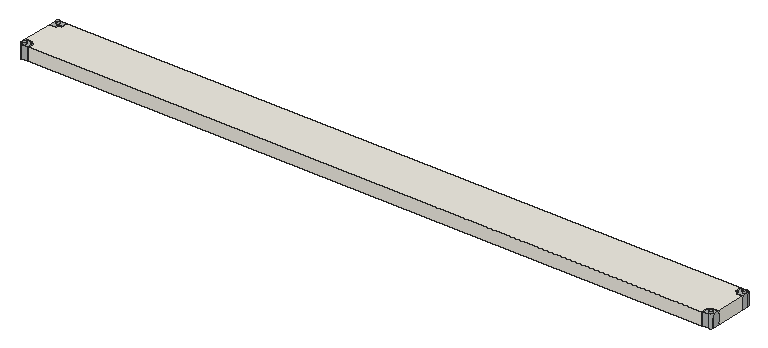
Revit family "HIGHTECH", category Осветительные приборы, Revit 2019 (continued)
Types (32, lengths in mm): name | Файл фотометрической сетки | built-in parameter 1150105 | Lumens | built-in parameter 1150106 | built-in parameter 1150142 | Wattage | Emit from Rectangle Width | Emit from Rectangle Length | Длина | Ширина | ADSK_Ток | ADSK_Полная мощность | ADSK_Обозначение | ADSK_Номинальная мощность | ADSK_Наименование | ADSK_Масса | ADSK_Код изделия
    .493 0.493 0.395 0.395 0.395 0.395 0.395 0.395 0.395 0.395 0.296 0.296 0.296 0.296 0.296 0.296 0.296 0.296 0.197 \r\n0.197 0.197 0.197 0.197 0.197 0.197 0.197 0.098 0.098 0.098 0.098 0.098 0.098 0.098 0.098 0.000 0.000 0.000 0.000 \r\n1417.637 1417.341 1414.085 1408.658 1400.568 1390.010 1377.085 1361.002 1342.947 1322.522 1300.026 1275.261 1248.621 1220.205 1189.817 1157.849 1124.598 1089.670 \r\n1053.460 1016.065 977.881 938.119 898.060 856.917 815.575 773.149 730.722 687.901 644.390 600.877 557.168 513.262 470.046 426.534 383.121 340.497 298.761 257.814 218.151 179.473 \r\n140.501 105.672 72.816 41.835 13.714 0.592 0.592 0.493 0.493 0.493 0.493 0.493 0.493 0.493 0.493 0.395 0.395 0.395 0.395 0.395 0.395 0.395 0.395 0.296 0.296 0.296 0.296 0.296 0.296 0.296 0.296 0.197 \r\n0.197 0.197 0.197 0.197 0.197 0.197 0.197 0.098 0.098 0.098 0.098 0.098 0.098 0.098 0.098 0.000 0.000 0.000 0.000 \r\n1417.637 1417.439 1414.183 1408.855 1400.765 1390.306 1377.381 1361.397 1343.341 1323.015 1300.520 1275.656 1249.114 1220.699 1190.408 1158.440 1125.190 1090.262 \r\n1054.151 1016.755 978.473 938.809 898.750 857.607 816.266 773.839 731.413 688.592 645.080 601.469 557.859 513.854 470.638 427.126 383.615 340.990 299.254 258.209 218.546 179.770 \r\n140.896 105.967 73.013 42.031 13.912 0.592 0.592 0.493 0.493 0.493 0.493 0.493 0.493 0.493 0.493 0.395 0.395 0.395 0.395 0.395 0.395 0.395 0.395 0.296 0.296 0.296 0.296 0.296 0.296 0.296 0.296 0.197 \r\n0.197 0.197 0.197 0.197 0.197 0.197 0.197 0.098 0.098 0.098 0.098 0.098 0.098 0.098 0.098 0.000 0.000 0.000 0.000 \r\n1417.637 1417.439 1414.282 1408.954 1400.963 1390.603 1377.677 1361.792 1343.735 1323.410 1301.014 1276.149 1249.608 1221.291 1191.000 1159.032 1125.782 1090.953 \r\n1054.841 1017.446 979.164 939.500 899.442 858.298 816.957 774.530 732.103 689.184 645.672 602.160 558.451 514.446 471.230 427.619 384.108 341.484 299.649 258.604 218.940 180.165 \r\n141.191 106.264 73.309 42.229 14.208 0.592 0.592 0.493 0.493 0.493 0.493 0.493 0.493 0.493 0.493 0.395 0.395 0.395 0.395 0.395 0.395 0.395 0.395 0.296 0.296 0.296 0.296 0.296 0.296 0.296 0.296 0.197 \r\n0.197 0.197 0.197 0.197 0.197 0.197 0.197 0.098 0.098 0.098 0.098 0.098 0.098 0.098 0.098 0.000 0.000 0.000 0.000 \r\n1417.637 1417.538 1414.380 1409.152 1401.258 1390.898 1378.072 1362.087 1344.130 1323.805 1301.408 1276.643 1250.200 1221.784 1191.593 1159.625 1126.374 1091.545 \r\n1055.433 1018.137 979.855 940.290 900.133 858.988 817.647 775.221 732.794 689.875 646.362 602.851 559.043 515.137 471.822 428.212 384.700 341.977 300.142 259.097 219.335 180.559 \r\n141.487 106.560 73.506 42.525 14.405 0.592 0.592 0.493 0.493 0.493 0.493 0.493 0.493 0.493 0.493 0.395 0.395 0.395 0.395 0.395 0.395 0.395 0.395 0.296 0.296 0.296 0.296 0.296 0.296 0.296 0.296 0.197 \r\n0.197 0.197 0.197 0.197 0.197 0.197 0.197 0.098 0.098 0.098 0.098 0.098 0.098 0.098 0.098 0.000 0.000 0.000 0.000 \r\n1417.637 1417.538 1414.480 1409.250 1401.456 1391.096 1378.367 1362.482 1344.525 1324.200 1301.902 1277.136 1250.693 1222.376 1192.184 1160.315 1127.064 1092.235 \r\n1056.124 1018.828 980.545 940.980 900.823 859.679 818.338 776.010 733.485 690.565 647.054 603.443 559.734 515.728 472.414 428.705 385.193 342.470 300.537 259.492 219.730 180.856 \r\n141.882 106.855 73.802 42.723 14.602 0.592 0.592 0.493 0.493 0.493 0.493 0.493 0.493 0.493 0.493 0.395 0.395 0.395 0.395 0.395 0.395 0.395 0.395 0.296 0.296 0.296 0.296 0.296 0.296 0.296 0.296 0.197 \r\n0.197 0.197 0.197 0.197 0.197 0.197 0.197 0.098 0.098 0.098 0.098 0.098 0.098 0.098 0.098 0.000 0.000 0.000 0.000 \r\n1417.637 1417.637 1414.578 1409.447 1401.653 1391.391 1378.663 1362.877 1344.920 1324.693 1302.395 1277.630 1251.187 1222.968 1192.678 1160.908 1127.657 1092.827 \r\n1056.814 1019.419 981.236 941.671 901.514 860.369 819.028 776.701 734.175 691.256 647.645 604.133 560.326 516.320 473.006 429.297 385.785 342.963 301.030 259.887 220.125 181.249 \r\n142.178 107.152 74.099 42.920 14.800 0.592 0.592 0.493 0.493 0.493 0.493 0.493 0.493 0.493 0.493 0.395 0.395 0.395 0.395 0.395 0.395 0.395 0.395 0.296 0.296 0.296 0.296 0.296 0.296 0.296 0.296 0.197 \r\n0.197 0.197 0.197 0.197 0.197 0.197 0.197 0.098 0.098 0.098 0.098 0.098 0.098 0.098 0.098 0.000 0.000 0.000 0.000 \r\n1417.637 1417.637 1414.677 1409.645 1401.851 1391.688 1378.960 1363.173 1345.314 1325.088 1302.790 1278.123 1251.680 1223.461 1193.269 1161.499 1128.249 1093.518 \r\n1057.406 1020.110 981.926 942.361 902.204 861.159 819.719 777.391 734.867 691.946 648.335 604.726 561.017 516.913 473.598 429.888 386.279 343.458 301.524 260.380 220.519 181.644 \r\n142.474 107.448 74.296 43.216 15.096 0.592 0.592 0.493 0.493 0.493 0.493 0.493 0.493 0.493 0.493 0.395 0.395 0.395 0.395 0.395 0.395 0.395 0.395 0.296 0.296 0.296 0.296 0.296 0.296 0.296 0.296 0.197 \r\n0.197 0.197 0.197 0.197 0.197 0.197 0.197 0.098 0.098 0.098 0.098 0.098 0.098 0.098 0.098 0.000 0.000 0.000 0.000 \r\n1417.637 1417.736 1414.775 1409.743 1402.146 1391.984 1379.355 1363.568 1345.709 1325.482 1303.283 1278.616 1252.272 1224.054 1193.862 1162.091 1128.940 1094.110 \r\n1058.097 1020.801 982.617 943.052 902.994 861.850 820.410 778.082 735.458 692.637 649.027 605.416 561.608 517.504 474.190 430.383 386.772 343.951 301.918 260.775 220.913 181.941 \r\n142.770 107.743 74.592 43.413 15.293 0.592 0.592 0.493 0.493 0.493 0.493 0.493 0.493 0.493 0.493 0.395 0.395 0.395 0.395 0.395 0.395 0.395 0.395 0.296 0.296 0.296 0.296 0.296 0.296 0.296 0.296 0.197 \r\n0.197 0.197 0.197 0.197 0.197 0.197 0.197 0.098 0.098 0.098 0.098 0.098 0.098 0.098 0.098 0.000 0.000 0.000 0.000 \r\n1417.637 1417.736 1414.874 1409.940 1402.344 1392.181 1379.650 1363.962 1346.104 1325.877 1303.776 1279.109 1252.766 1224.547 1194.454 1162.782 1129.531 1094.702 \r\n1058.788 1021.492 983.308 943.742 903.684 862.540 821.100 778.773 736.148 693.327 649.618 606.107 562.298 518.096 474.782 430.974 387.364 344.444 302.412 261.170 221.308 182.335 \r\n143.165 108.040 74.789 43.611 15.490 0.592 0.592 0.493 0.493 0.493 0.493 0.493 0.493 0.493 0.493 0.395 0.395 0.395 0.395 0.395 0.395 0.395 0.395 0.296 0.296 0.296 0.296 0.296 0.296 0.296 0.296 0.197 \r\n0.197 0.197 0.197 0.197 0.197 0.197 0.197 0.098 0.098 0.098 0.098 0.098 0.098 0.098 0.098 0.000 0.000 0.000 0.000 \r\n1417.637 1417.834 1414.973 1410.138 1402.541 1392.477 1379.946 1364.258 1346.499 1326.272 1304.171 1279.603 1253.259 1225.139 1195.045 1163.374 1130.123 1095.393 \r\n1059.478 1022.183 983.999 944.433 904.375 863.231 821.792 779.464 736.840 693.920 650.309 606.699 562.891 518.787 475.374 431.566 387.857 344.937 302.906 261.663 221.703 182.730 \r\n143.461 108.237 75.085 43.906 15.688 0.592 0.592 0.493 0.493 0.493 0.493 0.493 0.493 0.493 0.493 0.395 0.395 0.395 0.395 0.395 0.395 0.395 0.395 0.296 0.296 0.296 0.296 0.296 0.296 0.296 0.296 0.197 \r\n0.197 0.197 0.197 0.197 0.197 0.197 0.197 0.098 0.098 0.098 0.098 0.098 0.098 0.098 0.098 0.000 0.000 0.000 0.000 \r\n1417.637 1417.834 1415.071 1410.237 1402.837 1392.772 1380.243 1364.653 1346.892 1326.765 1304.664 1280.096 1253.752 1225.730 1195.638 1163.965 1130.814 1095.984 \r\n1060.071 1022.873 984.689 945.124 905.066 863.922 822.482 780.154 737.531 694.610 651.000 607.390 563.581 519.379 475.966 432.059 388.350 345.431 303.300 262.058 222.098 183.026 \r\n143.757 108.533 75.282 44.104 15.983 0.592 0.592 0.493 0.493 0.493 0.493 0.493 0.493 0.493 0.493 0.395 0.395 0.395 0.395 0.395 0.395 0.395 0.395 0.296 0.296 0.296 0.296 0.296 0.296 0.296 0.296 0.197 \r\n0.197 0.197 0.197 0.197 0.197 0.197 0.197 0.098 0.098 0.098 0.098 0.098 0.098 0.098 0.098 0.000 0.000 0.000 0.000 \r\n1417.637 1417.932 1415.170 1410.434 1403.034 1393.069 1380.636 1365.048 1347.287 1327.160 1305.157 1280.589 1254.344 1226.225 1196.230 1164.558 1131.406 1096.675 \r\n1060.761 1023.564 985.380 945.815 905.756 864.613 823.173 780.845 738.221 695.301 651.592 608.080 564.174 519.971 476.558 432.652 388.943 345.924 303.794 262.453 222.492 183.420 \r\n144.151 108.829 75.579 44.301 16.181 0.592 0.592 0.493 0.493 0.493 0.493 0.493 0.493 0.493 0.493 0.395 0.395 0.395 0.395 0.395 0.395 0.395 0.395 0.296 0.296 0.296 0.296 0.296 0.296 0.296 0.296 0.197 \r\n0.197 0.197 0.197 0.197 0.197 0.197 0.197 0.098 0.098 0.098 0.098 0.098 0.098 0.098 0.098 0.000 0.000 0.000 0.000 \r\n1417.637 1417.932 1415.268 1410.533 1403.232 1393.365 1380.933 1365.443 1347.682 1327.555 1305.552 1281.082 1254.837 1226.816 1196.821 1165.150 1131.998 1097.267 \r\n1061.452 1024.254 986.070 946.506 906.447 865.401 823.863 781.535 738.912 695.991 652.282 608.672 564.864 520.563 477.150 433.145 389.436 346.417 304.287 262.946 222.887 183.815 \r\n144.448 109.125 75.874 44.597 16.378 0.592 0.592 0.493 0.493 0.493 0.493 0.493 0.493 0.493 0.493 0.395 0.395 0.395 0.395 0.395 0.395 0.395 0.395 0.296 0.296 0.296 0.296 0.296 0.296 0.296 0.296 0.197 \r\n0.197 0.197 0.197 0.197 0.197 0.197 0.197 0.098 0.098 0.098 0.098 0.098 0.098 0.098 0.098 0.000 0.000 0.000 0.000 \r\n1417.637 1418.031 1415.368 1410.730 1403.527 1393.562 1381.229 1365.738 1348.077 1327.949 1306.045 1281.575 1255.331 1227.310 1197.414 1165.841 1132.689 1097.958 \r\n1062.043 1024.846 986.761 947.196 907.137 866.092 824.554 782.226 739.602 696.683 652.973 609.363 565.456 521.155 477.742 433.737 390.028 346.910 304.681 263.341 223.282 184.111 \r\n144.743 109.421 76.072 44.794 16.576 0.592 0.592 0.493 0.493 0.493 0.493 0.493 0.493 0.493 0.493 0.395 0.395 0.395 0.395 0.395 0.395 0.395 0.395 0.296 0.296 0.296 0.296 0.296 0.296 0.296 0.296 0.197 \r\n0.197 0.197 0.197 0.197 0.197 0.197 0.197 0.098 0.098 0.098 0.098 0.098 0.098 0.098 0.098 0.000 0.000 0.000 0.000 \r\n1417.637 1418.031 1415.466 1410.928 1403.725 1393.858 1381.524 1366.133 1348.472 1328.443 1306.440 1282.070 1255.824 1227.901 1198.006 1166.433 1133.280 1098.550 \r\n1062.735 1025.537 987.451 947.887 907.829 866.784 825.244 782.916 740.293 697.373 653.565 610.053 566.147 521.747 478.334 434.328 390.521 347.404 305.175 263.735 223.677 184.506 \r\n145.039 109.717 76.368 44.992 16.871 0.592 0.592 0.493 0.493 0.493 0.493 0.493 0.493 0.493 0.493 0.395 0.395 0.395 0.395 0.395 0.395 0.395 0.395 0.296 0.296 0.296 0.296 0.296 0.296 0.296 0.296 0.197 \r\n0.197 0.197 0.197 0.197 0.197 0.197 0.197 0.098 0.098 0.098 0.098 0.098 0.098 0.098 0.098 0.000 0.000 0.000 0.000 \r\n1417.637 1418.130 1415.565 1411.026 1403.922 1394.154 1381.919 1366.527 1348.866 1328.837 1306.933 1282.563 1256.416 1228.494 1198.597 1167.024 1133.873 1099.241 \r\n1063.425 1026.228 988.143 948.676 908.519 867.474 825.935 783.608 740.983 698.064 654.256 610.646 566.739 522.438 478.926 434.822 391.014 347.897 305.569 264.229 224.072 184.901 \r\n145.434 110.013 76.565 45.288 17.069 0.592 0.592 0.493 0.493 0.493 0.493 0.493 0.493 0.493 0.493 0.395 0.395 0.395 0.395 0.395 0.395 0.395 0.395 0.296 0.296 0.296 0.296 0.296 0.296 0.296 0.296 0.197 \r\n0.197 0.197 0.197 0.197 0.197 0.197 0.197 0.098 0.098 0.098 0.098 0.098 0.098 0.098 0.098 0.000 0.000 0.000 0.000 \r\n1417.637 1418.130 1415.762 1411.223 1404.218 1394.450 1382.216 1366.824 1349.261 1329.231 1307.427 1283.056 1256.910 1228.987 1199.190 1167.616 1134.563 1099.833 \r\n1064.016 1026.918 988.833 949.367 909.308 868.165 826.625 784.298 741.674 698.656 654.946 611.336 567.430 523.030 479.518 435.414 391.606 348.391 306.063 264.623 224.465 185.196 \r\n145.730 110.309 76.861 45.485 17.266 0.592 0.592 0.493 0.493 0.493 0.493 0.493 0.493 0.493 0.493 0.395 0.395 0.395 0.395 0.395 0.395 0.395 0.395 0.296 0.296 0.296 0.296 0.296 0.296 0.296 0.296 0.197 \r\n0.197 0.197 0.197 0.197 0.197 0.197 0.197 0.098 0.098 0.098 0.098 0.098 0.098 0.098 0.098 0.000 0.000 0.000 0.000 \r\n1417.637 1418.229 1415.861 1411.421 1404.415 1394.746 1382.512 1367.219 1349.656 1329.626 1307.821 1283.549 1257.403 1229.579 1199.782 1168.209 1135.155 1100.523 \r\n1064.708 1027.609 989.425 950.057 909.998 868.855 827.317 784.989 742.365 699.347 655.538 611.928 568.021 523.622 480.110 436.006 392.100 348.884 306.556 265.017 224.860 185.591 \r\n146.026 110.605 77.157 45.781 17.464 0.592 0.592 0.493 0.493 0.493 0.493 0.493 0.493 0.493 0.493 0.395 0.395 0.395 0.395 0.395 0.395 0.395 0.395 0.296 0.296 0.296 0.296 0.296 0.296 0.296 0.296 0.197 \r\n0.197 0.197 0.197 0.197 0.197 0.197 0.197 0.098 0.098 0.098 0.098 0.098 0.098 0.098 0.098 0.000 0.000 0.000 0.000 \r\n1417.637 1418.229 1415.960 1411.519 1404.613 1394.943 1382.807 1367.612 1350.051 1330.119 1308.315 1284.043 1257.896 1230.072 1200.275 1168.899 1135.748 1101.116 \r\n1065.398 1028.300 990.115 950.748 910.689 869.644 828.007 785.679 743.056 700.037 656.229 612.619 568.713 524.214 480.702 436.499 392.593 349.377 306.951 265.511 225.255 185.986 \r\n146.421 110.901 77.355 45.978 17.759 0.592 0.592 0.493 0.493 0.493 0.493 0.493 0.493 0.493 0.493 0.395 0.395 0.395 0.395 0.395 0.395 0.395 0.395 0.296 0.296 0.296 0.296 0.296 0.296 0.296 0.296 0.197 \r\n0.197 0.197 0.197 0.197 0.197 0.197 0.197 0.098 0.098 0.098 0.098 0.098 0.098 0.098 0.098 0.000 0.000 0.000 0.000 \r\n1417.637 1418.327 1416.058 1411.716 1404.810 1395.240 1383.202 1367.909 1350.445 1330.514 1308.808 1284.536 1258.488 1230.664 1200.867 1169.491 1136.339 1101.806 \r\n1066.089 1028.991 990.807 951.438 911.381 870.335 828.698 786.370 743.746 700.728 656.920 613.310 569.304 524.806 481.294 437.091 393.185 349.871 307.444 265.905 225.650 186.381 \r\n146.717 111.197 77.650 46.176 17.957 0.592 0.592 0.493 0.493 0.493 0.493 0.493 0.493 0.493 0.493 0.395 0.395 0.395 0.395 0.395 0.395 0.395 0.395 0.296 0.296 0.296 0.296 0.296 0.296 0.296 0.296 0.197 \r\n0.197 0.197 0.197 0.197 0.197 0.197 0.197 0.098 0.098 0.098 0.098 0.098 0.098 0.098 0.098 0.000 0.000 0.000 0.000 \r\n1417.637 1418.327 1416.156 1411.816 1405.106 1395.535 1383.498 1368.304 1350.839 1330.909 1309.203 1285.029 1258.981 1231.256 1201.459 1170.083 1137.030 1102.398 \r\n1066.680 1029.681 991.497 952.129 912.071 871.026 829.388 787.061 744.437 701.418 657.512 613.901 569.995 525.398 481.886 437.585 393.678 350.364 307.938 266.300 226.044 186.676 \r\n147.012 111.493 77.848 46.472 18.154 0.592 0.592 0.493 0.493 0.493 0.493 0.493 0.493 0.493 0.493 0.395 0.395 0.395 0.395 0.395 0.395 0.395 0.395 0.296 0.296 0.296 0.296 0.296 0.296 0.296 0.296 0.197 \r\n0.197 0.197 0.197 0.197 0.197 0.197 0.197 0.098 0.098 0.098 0.098 0.098 0.098 0.098 0.098 0.000 0.000 0.000 0.000 \r\n1417.637 1418.426 1416.255 1412.013 1405.303 1395.831 1383.794 1368.698 1351.234 1331.304 1309.696 1285.522 1259.474 1231.750 1202.051 1170.675 1137.622 1103.089 \r\n1067.372 1030.273 992.188 952.820 912.762 871.716 830.079 787.751 745.127 702.109 658.202 614.593 570.587 526.088 482.478 438.177 394.171 350.857 308.332 266.793 226.439 187.071 \r\n147.309 111.690 78.144 46.670 18.451 0.592 0.592 0.493 0.493 0.493 0.493 0.493 0.493 0.493 0.493 0.395 0.395 0.395 0.395 0.395 0.395 0.395 0.395 0.296 0.296 0.296 0.296 0.296 0.296 0.296 0.296 0.197 \r\n0.197 0.197 0.197 0.197 0.197 0.197 0.197 0.098 0.098 0.098 0.098 0.098 0.098 0.098 0.098 0.000 0.000 0.000 0.000 \r\n1417.637 1418.426 1416.354 1412.211 1405.501 1396.029 1384.090 1369.093 1351.629 1331.797 1310.189 1286.016 1259.968 1232.341 1202.643 1171.366 1138.214 1103.680 \r\n1068.062 1030.964 992.878 953.511 913.452 872.407 830.770 788.442 745.818 702.799 658.893 615.283 571.179 526.680 483.070 438.769 394.763 351.350 308.826 267.188 226.834 187.466 \r\n147.703 111.987 78.440 46.866 18.648 0.592 0.592 0.493 0.493 0.493 0.493 0.493 0.493 0.493 0.493 0.395 0.395 0.395 0.395 0.395 0.395 0.395 0.395 0.296 0.296 0.296 0.296 0.296 0.296 0.296 0.296 0.197 \r\n0.197 0.197 0.197 0.197 0.197 0.197 0.197 0.098 0.098 0.098 0.098 0.098 0.098 0.098 0.098 0.000 0.000 0.000 0.000 \r\n1417.637 1418.525 1416.453 1412.309 1405.796 1396.325 1384.485 1369.388 1352.024 1332.192 1310.584 1286.509 1260.560 1232.835 1203.235 1171.958 1138.905 1104.371 \r\n1068.654 1031.655 993.569 954.202 914.143 873.098 831.460 789.133 746.410 703.392 659.485 615.874 571.870 527.273 483.662 439.262 395.257 351.844 309.319 267.583 227.229 187.762 \r\n148.000 112.282 78.637 47.163 18.845 0.592 0.592 0.493 0.493 0.493 0.493 0.493 0.493 0.493 0.493 0.395 0.395 0.395 0.395 0.395 0.395 0.395 0.395 0.296 0.296 0.296 0.296 0.296 0.296 0.296 0.296 0.197 \r\n0.197 0.197 0.197 0.1
